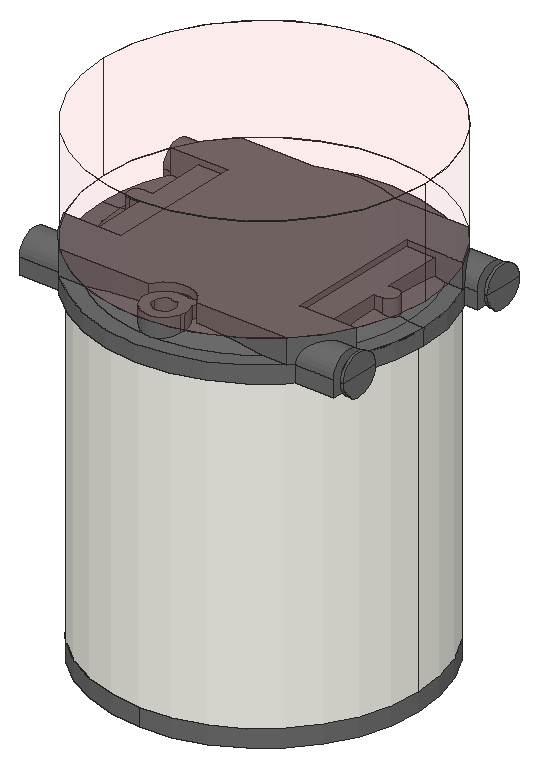
Revit family (continued)
Definition of nested family "Cooling_Plant_Accessories-Calmac-IceBank-Lid_C-75"
  Dimensions and locks (in)
    aligned and locked: curve 128 to cut or joined group of Revolve 1, Extrusion 2, Extrusion 4
    aligned and locked: curve 129 to cut or joined group of Revolve 1, Extrusion 2, Extrusion 4
    aligned and locked: curve 130 to Extrusion 5
    aligned and locked: curve 131 to Extrusion 5
    aligned and locked: curve 132 to Extrusion 5
    aligned and locked: curve 133 to Extrusion 5
    aligned and locked: curve 134 to Extrusion 5
    aligned and locked: curve 135 to Extrusion 5
    aligned and locked: curve 136 to Extrusion 5
    aligned and locked: curve 137 to Extrusion 5
    aligned and locked: curve 138 to cut or joined group of Revolve 1, Extrusion 2, Extrusion 4
    aligned and locked: curve 139 to cut or joined group of Revolve 1, Extrusion 2, Extrusion 4
    aligned and locked: curve 140 to curve 138
    aligned and locked: curve 141 to curve 139
    aligned and locked: curve 142 to curve 128
    aligned and locked: curve 143 to curve 127
    aligned and locked: curve 144 to cut or joined group of Revolve 1, Extrusion 2, Extrusion 4
    aligned and locked: curve 145 to cut or joined group of Revolve 1, Extrusion 2, Extrusion 4
    aligned and locked: curve 146 to cut or joined group of Revolve 1, Extrusion 2, Extrusion 4
    aligned and locked: curve 147 to cut or joined group of Revolve 1, Extrusion 2, Extrusion 4
    aligned and locked: curve 148 to cut or joined group of Revolve 1, Extrusion 2, Extrusion 4
    aligned and locked: curve 149 to cut or joined group of Revolve 1, Extrusion 2, Extrusion 4
    aligned and locked: curve 150 to cut or joined group of Revolve 1, Extrusion 2, Extrusion 4
    aligned and locked: cut or joined group of Revolve 1, Extrusion 2, Extrusion 4 to curve 151
    aligned and locked: curve 152 to cut or joined group of Revolve 1, Extrusion 2, Extrusion 4
    aligned and locked: curve 153 to cut or joined group of Revolve 1, Extrusion 2, Extrusion 4
    aligned and locked: curve 154 to cut or joined group of Revolve 1, Extrusion 2, Extrusion 4
    aligned and locked: curve 155 to cut or joined group of Revolve 1, Extrusion 2, Extrusion 4
    aligned and locked: curve 156 to cut or joined group of Revolve 1, Extrusion 2, Extrusion 4
    aligned and locked: curve 157 to cut or joined group of Revolve 1, Extrusion 2, Extrusion 4
    aligned and locked: curve 158 to cut or joined group of Revolve 1, Extrusion 2, Extrusion 4
    aligned and locked: cut or joined group of Revolve 1, Extrusion 2, Extrusion 4 to curve 159
    aligned and locked: curve 160 to cut or joined group of Revolve 1, Extrusion 2, Extrusion 4
    aligned and locked: curve 161 to cut or joined group of Revolve 1, Extrusion 2, Extrusion 4
    aligned and locked: curve 162 to cut or joined group of Revolve 1, Extrusion 2, Extrusion 4
    aligned and locked: cut or joined group of Revolve 1, Extrusion 2, Extrusion 4 to curve 163
    aligned and locked: curve 164 to cut or joined group of Revolve 1, Extrusion 2, Extrusion 4
    aligned and locked: cut or joined group of Revolve 1, Extrusion 2, Extrusion 4 to curve 165
    aligned and locked: curve 166 to cut or joined group of Revolve 1, Extrusion 2, Extrusion 4
    aligned and locked: cut or joined group of Revolve 1, Extrusion 2, Extrusion 4 to curve 167
    aligned and locked: curve 168 to cut or joined group of Revolve 1, Extrusion 2, Extrusion 4
    aligned and locked: curve 169 to cut or joined group of Revolve 1, Extrusion 2, Extrusion 4
    aligned and locked: curve 170 to cut or joined group of Revolve 1, Extrusion 2, Extrusion 4
    aligned and locked: curve 171 to cut or joined group of Revolve 1, Extrusion 2, Extrusion 4
    aligned and locked: curve 172 to cut or joined group of Revolve 1, Extrusion 2, Extrusion 4
    aligned and locked: curve 173 to cut or joined group of Revolve 1, Extrusion 2, Extrusion 4
    aligned and locked: curve 174 to cut or joined group of Revolve 1, Extrusion 2, Extrusion 4
    aligned and locked: curve 175 to cut or joined group of Revolve 1, Extrusion 2, Extrusion 4
    aligned and locked: cut or joined group of Revolve 1, Extrusion 2, Extrusion 4 to curve 176
    aligned and locked: cut or joined group of Revolve 1, Extrusion 2, Extrusion 4 to curve 177
    aligned and locked: cut or joined group of Revolve 1, Extrusion 2, Extrusion 4 to curve 178
    aligned and locked: cut or joined group of Revolve 1, Extrusion 2, Extrusion 4 to curve 179
    aligned and locked: cut or joined group of Revolve 1, Extrusion 2, Extrusion 4 to curve 180
    aligned and locked: cut or joined group of Revolve 1, Extrusion 2, Extrusion 4 to curve 181
    aligned and locked: cut or joined group of Revolve 1, Extrusion 2, Extrusion 4 to curve 182
    aligned and locked: cut or joined group of Revolve 1, Extrusion 2, Extrusion 4 to curve 183
    aligned and locked: Masking region 3 sketch curve to curve 140  (x2)
    aligned and locked: Masking region 3 sketch curve to curve 141
    aligned and locked: nested 1 to plane 6 "Back Connector Center"
    aligned: nested 1 to plane 45 "Connection Sleeve Right"
    aligned and locked: plane 16 "Fron Connector Center" to nested 2
    aligned: nested 2 to plane 45 "Connection Sleeve Right"
    aligned: nested 3 to plane 44 "Connection Sleeve Left"
    aligned and locked: nested 3 to plane 16 "Fron Connector Center"
    aligned: nested 4 to plane 44 "Connection Sleeve Left"
    aligned and locked: plane 6 "Back Connector Center" to nested 4
    aligned: plane 42 "Connector Center(Elevation)" to nested 4
    aligned: plane 42 "Connector Center(Elevation)" to nested 3
    aligned: plane 42 "Connector Center(Elevation)" to nested 1
    aligned: plane 42 "Connector Center(Elevation)" to nested 2
    aligned and locked: plane 34 "Right" to curve 184
    aligned and locked: plane 26 "Left" to curve 184
    aligned and locked: plane 1 "Center (Front/Back)" to curve 184
    aligned and locked: curve 163 to plane 41 "Top"
    aligned and locked: plane 4 "Back" to curve 185
    aligned and locked: plane 14 "Front" to curve 185
    aligned and locked: plane 3 "Center (Left/Right)" to curve 185
    aligned and locked: plane 41 "Top" to curve 183
    aligned and locked: plane 41 "Top" to curve 186
    aligned and locked: curve 186 to plane 3 "Center (Left/Right)"
    aligned and locked: plane 2 "Bottom" to curve 186
    aligned and locked: plane 1 "Center (Front/Back)" to curve 186
    aligned and locked: Masking region 3 sketch curve to plane 5 "Back Connector Back"
    aligned and locked: plane 45 "Connection Sleeve Right" to Masking region 3 sketch curve
    aligned and locked: Masking region 3 sketch curve to plane 45 "Connection Sleeve Right"
    aligned and locked: Extrusion 3 to Masking region 3 sketch curve
    aligned and locked: Masking region 3 sketch curve to plane 15 "Front Connection Front"  (x2)
    aligned and locked: plane 44 "Connection Sleeve Left" to Masking region 3 sketch curve
    aligned and locked: Masking region 3 sketch curve to plane 44 "Connection Sleeve Left"
    aligned and locked: plane 5 "Back Connector Back" to Masking region 3 sketch curve
    aligned: plane 3 "Center (Left/Right)" to nested 5
    aligned and locked: plane 1 "Center (Front/Back)" to nested 5
    aligned: plane 58 "T.O. Clearance Box" to nested 5  (x2)
    aligned: plane 41 "Top" to nested 5
    aligned and locked: nested 2 to plane 59 "Right Connector Face"
    aligned and locked: nested 1 to plane 59 "Right Connector Face"
    aligned and locked: nested 3 to plane 60 "Left Connector Face"
    aligned and locked: nested 4 to plane 60 "Left Connector Face"
    aligned and locked: plane 62 "Sleeve Right" to Extrusion 3
    aligned and locked: plane 61 "Sleeve Left" to Extrusion 3
    aligned and locked: Masking region 3 sketch curve to plane 61 "Sleeve Left"
    aligned and locked: plane 7 "Back Connector Front" to Masking region 3 sketch curve
    aligned and locked: Masking region 3 sketch curve to plane 17 "Front Connector Back"  (x2)
    aligned and locked: plane 61 "Sleeve Left" to Masking region 3 sketch curve
    aligned and locked: plane 62 "Sleeve Right" to Masking region 3 sketch curve
    aligned and locked: Masking region 3 sketch curve to plane 62 "Sleeve Right"
    aligned and locked: Masking region 3 sketch curve to plane 7 "Back Connector Front"
    aligned and locked: plane 42 "Connector Center(Elevation)" to curve 103
    aligned and locked: plane 54 "Right Tunnel Ref" to curve 104
    aligned and locked: curve 105 to plane 55 "Left Tunnel Ref"
    aligned and locked: plane 45 "Connection Sleeve Right" to curve 114
    aligned and locked: plane 41 "Top" to curve 176
    aligned and locked: plane 42 "Connector Center(Elevation)" to curve 176
    aligned and locked: plane 42 "Connector Center(Elevation)" to curve 158
    aligned and locked: plane 41 "Top" to curve 182
    aligned and locked: plane 42 "Connector Center(Elevation)" to curve 177
    aligned and locked: plane 41 "Top" to curve 177
    aligned and locked: plane 41 "Top" to curve 178
    aligned and locked: plane 42 "Connector Center(Elevation)" to curve 178
    aligned and locked: plane 42 "Connector Center(Elevation)" to curve 144
    aligned and locked: plane 41 "Top" to curve 180
    aligned and locked: plane 41 "Top" to curve 179
    aligned and locked: plane 42 "Connector Center(Elevation)" to curve 179
    aligned and locked: plane 41 "Top" to curve 181
    aligned and locked: plane 42 "Connector Center(Elevation)" to curve 181
    aligned and locked: nested 5 to plane 41 "Top"
    aligned and locked: plane 58 "T.O. Clearance Box" to nested 5
    aligned and locked: plane 42 "Connector Center(Elevation)" to nested 1
    aligned and locked: plane 42 "Connector Center(Elevation)" to nested 2
    aligned and locked: plane 42 "Connector Center(Elevation)" to nested 4
    aligned and locked: plane 42 "Connector Center(Elevation)" to nested 3
  Automatic sketch dimensions
    Extrusion 4 sketch curve to plane 9 "Rigging Back" = 0' - 0"
    plane 40 "Top Right" to Extrusion 2 sketch curve = 0' - 4.0663"
    plane 3 "Center (Left/Right)" to Extrusion 2 sketch curve = 0' - 0.00163"
    plane 24 "Pad Eye Front Center" to Extrusion 2 sketch curve = 0' - 0.19621"
    plane 10 "Rigging Loop Back" to Extrusion 2 sketch curve = 0' - 1.54805"
    Extrusion 2 sketch curve to Extrusion 2 sketch curve = 0' - 0"  (x2)
    plane 36 "Right Rigging Loop Right" to Extrusion 2 sketch curve = 0' - 4.88399"
    plane 24 "Pad Eye Front Center" to Extrusion 5 sketch curve = 0' - 0.02333"
    plane 24 "Pad Eye Front Center" to Extrusion 5 sketch curve = 0' - 0.02277"
    Extrusion 5 sketch curve to Extrusion 5 sketch curve = 0' - 0.36824"
    Extrusion 5 sketch curve to Extrusion 5 sketch curve = 0' - 0.36835"
    Extrusion 5 sketch curve to Extrusion 5 sketch curve = 0' - 0"  (x2)
    Masking region 3 sketch curve to Masking region 3 sketch curve = 0' - 0"  (x2)
    Masking region 3 sketch curve to plane 44 "Connection Sleeve Left" = 0' - 0"
    Masking region 3 sketch curve to Masking region 3 sketch curve = 0' - 0.43383"
    curve 112 to plane 43 "Connector Channel Top" = 0' - 0"
    curve 120 to level = 0' - 0"
    curve 113 to level = 0' - 0"
    curve 117 to level = 0' - 0"
    curve 114 to level = 0' - 0"
    curve 104 to plane 41 "Top" = 0' - 0"
    curve 109 to plane 41 "Top" = 0' - 0"
    curve 108 to plane 41 "Top" = 0' - 0"
    curve 105 to plane 41 "Top" = 0' - 0"
    curve 109 to curve 112 = 0' - 0.56869"
    plane 3 "Center (Left/Right)" to curve 115 = 0' - 0"
    curve 112 to curve 108 = 0' - 0.57194"
    plane 36 "Right Rigging Loop Right" to curve 116 = 0' - 0.0067"
    plane 42 "Connector Center(Elevation)" to curve 116 = 0' - 0.04774"
    curve 111 to curve 108 = 0' - 0.56061"
    plane 41 "Top" to curve 115 = 0' - 8.77139"
    curve 50 to plane 47 "Bolt Inset Right" = 0' - 0"
    curve 49 to plane 3 "Center (Left/Right)" = 0' - 0"
    curve 125 to plane 8 "Piping Back" = 0' - 0"
    plane 19 "Rigging Front" to curve 129 = 0' - 0"
    plane 4 "Back" to curve 50 = 0' - 0"
    plane 49 "Bolt Inset Center" to curve 49 = 0' - 0"
    plane 34 "Right" to curve 68 = 0' - 0.05975"
    plane 34 "Right" to curve 71 = 0' - 0.05975"
    plane 33 "Right Connection" to curve 69 = 0' - 0.05346"
    plane 33 "Right Connection" to curve 67 = 0' - 0.05346"
    plane 52 "Right Side Chanel" to curve 71 = 0' - 0.58177"
    plane 52 "Right Side Chanel" to curve 66 = 0' - 0.58177"
    plane 52 "Right Side Chanel" to curve 66 = 0' - 0.71351"
    plane 52 "Right Side Chanel" to curve 70 = 0' - 0.71351"
    plane 52 "Right Side Chanel" to curve 74 = 0' - 0.72576"
    plane 52 "Right Side Chanel" to curve 99 = 0' - 0.72576"
    plane 52 "Right Side Chanel" to curve 69 = 0' - 0.84524"
    plane 52 "Right Side Chanel" to curve 67 = 0' - 0.84524"
    curve 72 to plane 57 "Right Tunnel Ref Center" = 0' - 0.39515"
    curve 62 to plane 57 "Right Tunnel Ref Center" = 0' - 0.35589"
    plane 35 "Lid Inset Right" to curve 99 = 0' - 0.20973"
    plane 35 "Lid Inset Right" to curve 74 = 0' - 0.20973"
    curve 99 to curve 60 = 0' - 0.00797"
    plane 35 "Lid Inset Right" to curve 60 = 0' - 0.4131"
    plane 35 "Lid Inset Right" to curve 73 = 0' - 0.58321"
    curve 60 to curve 61 = 0' - 0.19232"
    plane 35 "Lid Inset Right" to curve 73 = 0' - 0.95668"
    curve 61 to plane 51 "Top Right Inset" = 0' - 0.97408"
    plane 21 "Top Front Edge" to curve 97 = 0' - 0.02024"
    plane 46 "Right Center" to curve 97 = 0' - 0.08642"
    plane 46 "Right Center" to curve 65 = 0' - 0.10857"
    plane 8 "Piping Back" to curve 64 = 0' - 0.58462"
    plane 46 "Right Center" to curve 64 = 0' - 1.33334"
    plane 18 "Piping Front" to curve 97 = 0' - 0.54429"
    plane 46 "Right Center" to curve 97 = 0' - 1.33764"
    plane 46 "Right Center" to curve 63 = 0' - 1.63906"
    curve 98 to plane 24 "Pad Eye Front Center" = 0' - 0.7003"
    plane 46 "Right Center" to curve 98 = 0' - 1.64225"
    curve 96 to plane 23 "Pad Eye Hole" = 0' - 0.03387"
    curve 96 to curve 96 = 0' - 0.77791"
    curve 64 to curve 64 = 0' - 0.79088"
    plane 21 "Top Front Edge" to curve 98 = 0' - 0 5/16"
    curve 64 to plane 39 "Right Rigging Left" = 0' - 0.70964"
    curve 93 to plane 22 "Front Inset" = 0' - 1.49486"
    curve 93 to plane 40 "Top Right" = 0' - 3.68687"
    plane 49 "Bolt Inset Center" to curve 53 = 0' - 0.44475"
    curve 53 to plane 40 "Top Right" = 0' - 3.66499"
    plane 22 "Front Inset" to curve 93 = 0' - 0.38295"
    curve 93 to curve 93 = 0' - 0.66239"
    plane 12 "Back Inset" to curve 53 = 0' - 0.51617"
    curve 53 to curve 53 = 0' - 0.66892"
    plane 22 "Front Inset" to curve 94 = 0' - 0.0503"
    curve 93 to curve 94 = 0' - 0.94305"
    plane 12 "Back Inset" to curve 52 = 0' - 0.18178"
    curve 53 to curve 52 = 0' - 0.94262"
    curve 95 to plane 40 "Top Right" = 0' - 1 205/256"
    curve 51 to plane 49 "Bolt Inset Center" = 0' - 0.21117"
    curve 51 to plane 40 "Top Right" = 0' - 1.7752"
    curve 94 to plane 22 "Front Inset" = 0' - 0.28236"
    curve 51 to plane 12 "Back Inset" = 0' - 0.1526"
    curve 165 to curve 132 = 0' - 1.92013"
    curve 126 to plane 18 "Piping Front" = 0' - 0.51914"  (x2)
    curve 164 to curve 163 = 0' - 0.30497"
    curve 173 to curve 125 = 0' - 1.35639"
    curve 55 to plane 12 "Back Inset" = 0' - 0.20247"
    curve 55 to plane 32 "Top Left" = 0' - 1.1267"
    curve 88 to plane 22 "Front Inset" = 0' - 0.28236"
    curve 88 to plane 32 "Top Left" = 0' - 1.13838"
    curve 56 to plane 49 "Bolt Inset Center" = 0' - 0.27827"
    curve 56 to plane 32 "Top Left" = 0' - 1.78316"
    curve 89 to plane 32 "Top Left" = 0' - 1.81788"
    plane 12 "Back Inset" to curve 55 = 0' - 0.12568"
    curve 55 to curve 55 = 0' - 0.9448"
    plane 22 "Front Inset" to curve 88 = 0' - 0.0503"
    curve 88 to curve 88 = 0' - 0.94305"
    plane 12 "Back Inset" to curve 54 = 0' - 0.45384"
    plane 22 "Front Inset" to curve 87 = 0' - 0.38295"
    plane 49 "Bolt Inset Center" to curve 54 = 0' - 0.39092"
    curve 54 to curve 54 = 0' - 0.65198"
    curve 87 to plane 22 "Front Inset" = 0' - 1.54109"
    curve 89 to curve 87 = 0' - 1.8853"
    curve 59 to plane 31 "Left Rigging Right" = 0' - 0.73306"
    plane 21 "Top Front Edge" to curve 85 = 0' - 0 5/16"
    curve 85 to plane 31 "Left Rigging Right" = 0' - 0.73601"
    curve 85 to plane 23 "Pad Eye Hole" = 0' - 0.03387"
    curve 85 to curve 85 = 0' - 0.77791"
    curve 58 to curve 58 = 0' - 0.80477"  (x2)
    curve 59 to plane 31 "Left Rigging Right" = 0' - 1.92107"
    curve 86 to plane 24 "Pad Eye Front Center" = 0' - 0.7403"
    curve 86 to plane 31 "Left Rigging Right" = 0' - 2 5/256"
    plane 18 "Piping Front" to curve 85 = 0' - 0.54429"
    plane 8 "Piping Back" to curve 58 = 0' - 0.67433"
    curve 58 to curve 57 = 0' - 1.17992"
    curve 84 to plane 21 "Top Front Edge" = 0' - 0.0179"
    curve 86 to curve 84 = 0' - 1.55432"
    plane 27 "Left Lip Inset" to curve 76 = 0' - 0.96143"
    curve 101 to plane 19 "Rigging Front" = 0' - 0.45769"
    plane 27 "Left Lip Inset" to curve 101 = 0' - 0.96143"
    curve 100 to curve 161 = 0' - 0.21853"
    plane 27 "Left Lip Inset" to curve 101 = 0' - 0.58796"
    plane 27 "Left Lip Inset" to curve 76 = 0' - 0.58796"
    plane 27 "Left Lip Inset" to curve 102 = 0' - 0.21448"
    plane 27 "Left Lip Inset" to curve 76 = 0' - 0.21448"
    curve 75 to plane 56 "Left Tunnel Ref Center" = 0' - 0.3904"
    curve 100 to plane 19 "Rigging Front" = 0' - 0.01575"
    curve 100 to plane 56 "Left Tunnel Ref Center" = 0' - 0.3904"
    plane 53 "Left Side Channel" to curve 83 = 0' - 0.84999"
    plane 53 "Left Side Channel" to curve 79 = 0' - 0.84999"
    plane 53 "Left Side Channel" to curve 77 = 0' - 0.73051"
    plane 53 "Left Side Channel" to curve 102 = 0' - 0.73051"
    plane 53 "Left Side Channel" to curve 79 = 0' - 0.71826"
    plane 53 "Left Side Channel" to curve 82 = 0' - 0.71826"
    plane 53 "Left Side Channel" to curve 80 = 0' - 0.58652"
    plane 53 "Left Side Channel" to curve 82 = 0' - 0.58652"
    plane 25 "Left Connection" to curve 78 = 0' - 0.05821"
    plane 25 "Left Connection" to curve 83 = 0' - 0.05821"
    plane 26 "Left" to curve 80 = 0' - 0.0645"
    plane 26 "Left" to curve 81 = 0' - 0.0645"
    plane 4 "Back" to curve 48 = 0' - 0.01364"
    curve 59 to curve 57 = 0' - 2.79764"
    curve 63 to curve 64 = 0' - 2.87284"
    curve 57 to curve 58 = 0' - 1.59891"
    curve 65 to curve 65 = 0' - 1.58211"
    plane 8 "Piping Back" to curve 58 = 0' - 1.86209"
    plane 8 "Piping Back" to curve 64 = 0' - 1.80912"
    curve 72 to plane 9 "Rigging Back" = 0' - 0.53489"
    curve 75 to plane 9 "Rigging Back" = 0' - 0.53489"
    curve 72 to plane 9 "Rigging Back" = 0' - 1.27856"
    curve 75 to plane 9 "Rigging Back" = 0' - 1.27856"
    curve 72 to curve 73 = 0' - 0.92764"
    curve 75 to curve 76 = 0' - 0.92764"
    curve 77 to curve 76 = 0' - 0.74367"
    curve 74 to curve 73 = 0' - 0.74367"
    plane 10 "Rigging Loop Back" to curve 69 = 0' - 3.7979"
    plane 10 "Rigging Loop Back" to curve 78 = 0' - 3.7979"
    curve 69 to curve 69 = 0' - 0.26232"
    curve 78 to curve 79 = 0' - 0.26232"
    curve 69 to curve 70 = 0' - 0.99128"
    curve 78 to curve 79 = 0' - 0.99128"
    plane 10 "Rigging Loop Back" to curve 71 = 0' - 1.81533"
    plane 10 "Rigging Loop Back" to curve 80 = 0' - 1.81533"
    plane 20 "Rigging Loop Front" to curve 68 = 0' - 1.55302"
    plane 20 "Rigging Loop Front" to curve 82 = 0' - 1.55302"
    plane 20 "Rigging Loop Front" to curve 81 = 0' - 1.81533"
    plane 20 "Rigging Loop Front" to curve 68 = 0' - 1.81533"
    curve 66 to curve 66 = 0' - 0.99128"
    curve 81 to curve 82 = 0' - 0.99128"
    curve 66 to curve 67 = 0' - 0.26232"
    curve 83 to curve 83 = 0' - 0.26232"
    curve 99 to plane 19 "Rigging Front" = 0' - 3.13384"
    curve 99 to curve 61 = 0' - 0.01104"
    curve 60 to curve 60 = 0' - 0.69763"
    curve 99 to curve 99 = 0' - 0.74367"
    curve 102 to curve 100 = 0' - 1.85528"
    curve 60 to curve 61 = 0' - 0.22433"
    curve 102 to plane 19 "Rigging Front" = 0' - 1.87103"
    curve 62 to plane 19 "Rigging Front" = 0' - 0.50327"
    plane 14 "Front" to curve 92 = 0' - 1.8675"
    plane 14 "Front" to curve 95 = 0' - 1.65483"
    plane 14 "Front" to curve 89 = 0' - 1.60633"
    curve 90 to plane 14 "Front" = 0' - 0.12249"
    curve 92 to plane 14 "Front" = 0' - 0.12494"
    curve 183 to plane 18 "Piping Front" = 0' - 0"
    curve 182 to plane 42 "Connector Center(Elevation)" = 0' - 0"
    curve 183 to plane 42 "Connector Center(Elevation)" = 0' - 0"
    curve 182 to plane 12 "Back Inset" = 0' - 6.98603"
    curve 177 to plane 18 "Piping Front" = 0' - 0"
    curve 176 to plane 8 "Piping Back" = 0' - 0"
    curve 180 to plane 9 "Rigging Back" = 0' - 0"
    curve 180 to plane 42 "Connector Center(Elevation)" = 0' - 0"
    plane 16 "Fron Connector Center" to curve 181 = 0' - 5 1/4"
    curve 179 to plane 19 "Rigging Front" = 0' - 0"
    curve 178 to plane 9 "Rigging Back" = 0' - 0"
    curve 20 to curve 26 = 0' - 0"  (x2)
    curve 20 to curve 30 = 0' - 0"  (x2)
    curve 20 to curve 33 = 0' - 0"  (x2)
    curve 20 to curve 34 = 0' - 0"  (x2)
    curve 20 to curve 44 = 0' - 0"  (x2)
    curve 20 to curve 45 = 0' - 0"  (x2)
    curve 20 to curve 46 = 0' - 0"  (x2)
    curve 20 to curve 47 = 0' - 0"  (x2)
    curve 20 to curve 140 = 0' - 0"  (x2)
    curve 20 to curve 142 = 0' - 0"  (x2)
    curve 20 to curve 143 = 0' - 0"
    curve 20 to curve 146 = 0' - 0"  (x2)
    curve 20 to curve 150 = 0' - 0"  (x2)
    curve 20 to curve 154 = 0' - 0"  (x2)
    curve 20 to curve 158 = 0' - 0"  (x2)
    curve 26 to plane 57 "Right Tunnel Ref Center" = 0' - 0"
    curve 29 to plane 57 "Right Tunnel Ref Center" = 0' - 0"
    curve 153 to plane 45 "Connection Sleeve Right" = 0' - 0"
    plane 1 "Center (Front/Back)" to curve 37 = 0' - 0"
    plane 20 "Rigging Loop Front" to curve 37 = 0' - 0"
    curve 155 to plane 8 "Piping Back" = 0' - 0"
    curve 155 to plane 38 "Right Rigging Loop Left" = 0' - 0"
    curve 36 to plane 38 "Right Rigging Loop Left" = 0' - 0"
    curve 32 to plane 38 "Right Rigging Loop Left" = 0' - 0"
    plane 18 "Piping Front" to curve 149 = 0' - 0"
    plane 18 "Piping Front" to curve 150 = 0' - 0"
    curve 154 to plane 8 "Piping Back" = 0' - 0"
    curve 151 to plane 39 "Right Rigging Left" = 0' - 0"
    curve 156 to plane 40 "Top Right" = 0' - 0"
    curve 156 to plane 3 "Center (Left/Right)" = 0' - 0"
    plane 18 "Piping Front" to curve 148 = 0' - 0"
    curve 19 to plane 8 "Piping Back" = 0' - 0"
    curve 22 to plane 31 "Left Rigging Right" = 0' - 0"
    curve 19 to plane 55 "Left Tunnel Ref" = 0' - 0"
    curve 158 to plane 8 "Piping Back" = 0' - 0"
    curve 147 to plane 55 "Left Tunnel Ref" = 0' - 0"
    curve 39 to plane 10 "Rigging Loop Back" = 0' - 0"
    curve 39 to plane 30 "Left Rigging Loop Right" = 0' - 0"
    curve 43 to plane 30 "Left Rigging Loop Right" = 0' - 0"
    plane 1 "Center (Front/Back)" to curve 41 = 0' - 0"
    plane 35 "Lid Inset Right" to curve 143 = 0' - 0.00039"
    curve 47 to plane 37 "Right Rigging Loop Inset" = 0' - 1.48966"
    curve 37 to plane 37 "Right Rigging Loop Inset" = 0' - 1.25367"
    plane 38 "Right Rigging Loop Left" to curve 149 = 0' - 0.01509"
    curve 34 to plane 39 "Right Rigging Left" = 0' - 1.24396"
    plane 40 "Top Right" to curve 148 = 0' - 4.0663"
    plane 3 "Center (Left/Right)" to curve 148 = 0' - 0.00163"
    curve 44 to plane 31 "Left Rigging Right" = 0' - 1.24396"
    plane 55 "Left Tunnel Ref" to curve 157 = 0' - 0.41423"
    curve 41 to plane 29 "Left Rigging Loop Inset" = 0' - 1.24992"
    curve 46 to plane 29 "Left Rigging Loop Inset" = 0' - 1.49441"
    plane 27 "Left Lip Inset" to curve 159 = 0' - 0.17459"
    plane 27 "Left Lip Inset" to curve 142 = 0' - 0.00039"
    plane 10 "Rigging Loop Back" to curve 156 = 0' - 1.54805"
    curve 142 to plane 1 "Center (Front/Back)" = 0' - 0.161"
    plane 24 "Pad Eye Front Center" to curve 148 = 0' - 0.19621"
    curve 6 to plane 20 "Rigging Loop Front" = 0' - 0"
    curve 5 to plane 12 "Back Inset" = 0' - 0"
    level to curve 16 = 0' - 0"
    level to curve 2 = 0' - 0"
    level to curve 15 = 0' - 0"
    level to curve 3 = 0' - 0"
    curve 7 to plane 41 "Top" = 0' - 0"
    curve 4 to plane 41 "Top" = 0' - 0"
    curve 12 to plane 41 "Top" = 0' - 0"
    curve 17 to plane 41 "Top" = 0' - 0"
    plane 22 "Front Inset" to curve 18 = 0' - 0.00227"
    curve 10 to curve 9 = 0' - 0.5091"
    curve 8 to curve 8 = 0' - 1.24396"
    curve 124 to plane 8 "Piping Back" = 0' - 0"
    curve 122 to plane 43 "Connector Channel Top" = 0' - 0"
    curve 123 to plane 1 "Center (Front/Back)" = 0' - 0.00127"
    plane 10 "Rigging Loop Back" to curve 123 = 0' - 0.00253"
    curve 124 to plane 8 "Piping Back" = 0' - 1.95677"
    curve 124 to plane 42 "Connector Center(Elevation)" = 0' - 1.1899"
    curve 124 to plane 42 "Connector Center(Elevation)" = 0' - 1.13321"
    curve 122 to plane 42 "Connector Center(Elevation)" = 0' - 0.88175"
    curve 123 to plane 41 "Top" = 0' - 0.04924"
  Nested families (in)
    nested 1: "Cooling_Plant_Accessories-Calmac-Icebank-4-Inch Flanged Connection" at (35.83203, 20.5, 3.75), Pipe Material <- "Pipe Material", visible <- "Is Back Right Flanged Connector Visible", type "Flanged Connection"
    nested 2: "Cooling_Plant_Accessories-Calmac-Icebank-4-Inch Flanged Connection" at (35.83203, -20.5, 3.75), Pipe Material <- "Pipe Material", visible <- "Is Front Right Flanged Connector Visible", type "Flanged Connection"
    nested 3: "Cooling_Plant_Accessories-Calmac-Icebank-4-Inch Flanged Connection" at (-35.83203, -20.5, 3.75) x (-1, 0, 0) z (0, 0, 1), Pipe Material <- "Pipe Material", visible <- "Is Front Left Flanged Connector Visible", type "Flanged Connection"
    nested 4: "Cooling_Plant_Accessories-Calmac-Icebank-4-Inch Flanged Connection" at (-35.83203, 20.5, 3.75) x (-1, 0, 0) z (0, 0, 1), Pipe Material <- "Pipe Material", visible <- "Is Back Left Flanged Connector Visible", type "Flanged Connection"
    nested 5: "Cooling_Plant_Accessories-Calmac-IceBankClearance Box" at (0.26977, 0, 15.25), CTRL Radius <- "CTRL Radius", visible <- "Is Clearance Box Visible", Height <- "Clearance Box Height", type "Include Clearance"
      with Width 6' - 1 3/8", Height 2' - 0", Depth 6' - 1 3/8", CTRL Radius 3' - 0 11/16"
  Definition of nested family "Cooling_Plant_Accessories-Calmac-Icebank-4-Inch Flanged Connection"
    Parameters (values of type "4"")
      Pipe Material [instance] = none
    Reference planes (in)
      plane 1 "Center (Front/Back)": y = 0
      plane 2 "Center (Elevation)": z = 0
      plane 3 "Center (Left/Right)": x = 0
      plane 4 "Back": y = 4.5
      plane 5 "Back Face": x = 1.79297
      plane 6 "Base Back": y = 2.25
      plane 7 "Fase Back": y = 3
      plane 8 "Front": y = -4.5
      plane 9 "Base Front": y = -2.25
      plane 10 "Face Front": y = -3
      plane 11 "Face": x = 2.41797
      plane 12 "T.O. Flange": z = 4.5
      plane 13 "T.O. Pipe": z = 2.25
      plane 14 "B.O. Flange": z = -4.5
      plane 15 "B.O. Pipe": z = -2.25
    Forms (in)
      Revolve 1, solid, material <- "Pipe Material", detail levels fine
        sketch origin (0, 0, 0) x (1, 0, 0) y (0, 1, 0)
          loop
            line (0, 2.25) -> (0, 0) -> (2.41797, 0) -> (2.41797, 4.5) -> (1.79297, 4.5) -> (1.79297, 2.25) -> (0, 2.25)
          axis (0, 0) -> (2.41797, 0)
        angle from 0 to 360
    Lines and regions (in)
      Masking region 1, detail levels fine
        outline origin (0, 0, 0) x (0, 1, 0) y (0, 0, 1)
          loop
            circle (0, 0) r 4.5
      Masking region 2, detail levels fine
        outline origin (0, 0, 0) x (1, 0, 0) y (0, 0, 1)
          loop
            line (2.41797, 4.5) -> (1.79297, 4.5) -> (1.79297, 2.25) -> (0, 2.25) -> (0, -2.25) -> (1.79297, -2.25) -> (1.79297, -4.5) -> (2.41797, -4.5) -> (2.41797, 4.5)
      Masking region 3, detail levels fine
        outline origin (0, 0, 0) x (1, 0, 0) y (0, 1, 0)
          loop
            line (0, 2.25) -> (0, -2.25) -> (1.79297, -2.25) -> (1.79297, -4.5) -> (2.41797, -4.5) -> (2.41797, 4.5) -> (1.79297, 4.5) -> (1.79297, 2.25) -> (0, 2.25)
      model lines, style "Piping", detail levels medium
        curve 1: line (0, 0, 0) -> (2.41797, 0, 0)
        curve 2: arc (2.41797, -4.5, 0) -> (2.41797, 0, 4.5) -> (2.41797, 4.5, 0) r 4.5
        curve 3: arc (2.41797, 4.5, 0) -> (2.41797, 0, -4.5) -> (2.41797, -4.5, 0) r 4.5
      symbolic lines, detail levels coarse+medium
        curve 4: line (0, 0, 0) -> (2.41797, 0, 0)
        curve 5: line (0, 0, 0) -> (2.41797, 0, 0)
    Dimensions and locks (in)
      locked: plane 4 "Back" to plane 7 "Fase Back" at 1.5
      locked: plane 4 "Back" to plane 6 "Base Back" at 2.25
      locked: plane 8 "Front" to plane 10 "Face Front" at 1.5
      locked: plane 8 "Front" to plane 9 "Base Front" at 2.25
      locked: plane 1 "Center (Front/Back)" to plane 6 "Base Back" at 2.25
      locked: plane 9 "Base Front" to plane 1 "Center (Front/Back)" at 2.25
      locked: plane 3 "Center (Left/Right)" to plane 11 "Face" at 2.41797
      locked: plane 5 "Back Face" to plane 11 "Face" at 0.625
      locked: plane 2 "Center (Elevation)" to plane 14 "B.O. Flange" at 4.5
      locked: plane 2 "Center (Elevation)" to plane 15 "B.O. Pipe" at 2.25
      locked: plane 12 "T.O. Flange" to plane 2 "Center (Elevation)" at 4.5
      locked: plane 12 "T.O. Flange" to plane 13 "T.O. Pipe" at 2.25
      aligned and locked: Revolve 1 sketch curve to plane 3 "Center (Left/Right)"
      aligned and locked: Revolve 1 sketch curve to plane 5 "Back Face"
      aligned and locked: Revolve 1 sketch curve to plane 11 "Face"
      aligned and locked: Revolve 1 sketch curve to plane 1 "Center (Front/Back)"
      aligned and locked: Revolve 1 sketch curve to plane 4 "Back"
      aligned and locked: Revolve 1 sketch curve to plane 6 "Base Back"
      aligned and locked: plane 1 "Center (Front/Back)" to Revolve 1 sketch curve  (x2)
      aligned and locked: plane 3 "Center (Left/Right)" to Revolve 1 sketch curve
      aligned and locked: Masking region 1 sketch curve to Revolve 1  (x2)
      aligned and locked: Masking region 2 sketch curve to Revolve 1  (x3)
      aligned and locked: Masking region 2 sketch curve to plane 5 "Back Face"
      aligned and locked: Masking region 2 sketch curve to plane 3 "Center (Left/Right)"
      aligned and locked: Masking region 3 sketch curve to plane 3 "Center (Left/Right)"
      aligned and locked: Masking region 3 sketch curve to plane 4 "Back"
      aligned and locked: Masking region 3 sketch curve to plane 6 "Base Back"
      aligned and locked: plane 9 "Base Front" to Masking region 3 sketch curve
      aligned and locked: plane 8 "Front" to Masking region 3 sketch curve
      aligned and locked: Masking region 3 sketch curve to plane 11 "Face"
      aligned and locked: Masking region 3 sketch curve to plane 5 "Back Face"  (x2)
      aligned and locked: plane 1 "Center (Front/Back)" to curve 1
      aligned and locked: plane 3 "Center (Left/Right)" to curve 1
      aligned and locked: curve 2 to Revolve 1
      aligned and locked: curve 3 to Revolve 1
      aligned and locked: plane 11 "Face" to curve 1
      aligned and locked: plane 11 "Face" to curve 4
      aligned and locked: plane 3 "Center (Left/Right)" to curve 4
      aligned and locked: plane 1 "Center (Front/Back)" to curve 4
      aligned and locked: plane 11 "Face" to curve 5
      aligned and locked: plane 3 "Center (Left/Right)" to curve 5
      aligned and locked: curve 5 to plane 2 "Center (Elevation)"
      aligned and locked: Masking region 2 to plane 12 "T.O. Flange"
      aligned and locked: plane 13 "T.O. Pipe" to Masking region 2
      aligned and locked: plane 2 "Center (Elevation)" to curve 1
      aligned and locked: plane 15 "B.O. Pipe" to Masking region 2
      aligned and locked: Masking region 2 to plane 14 "B.O. Flange"
  Definition of nested family "Cooling_Plant_Accessories-Calmac-IceBankClearance Box"
    Parameters (values of type "Include Clearance")
      Width [instance] = CTRL Radius * 2  # 7' - 5"
      Height [instance] = 3' - 0"
      Depth [instance] = Width  # 7' - 5"
      Clearance Material = Clearance
      CTRL Radius [instance] = 3' - 8 1/2"
      Assembly Code = ""
    Reference planes (in)
      plane 1 "Center (Front/Back)": y = 0
      plane 2 "Bottom": z = -6
      plane 3 "Center (Left/Right)": x = 0
      plane 4 "Top": z = 30
      plane 5 "Back": y = 44.5
      plane 6 "Left": x = -44.5
      plane 7 "Front": y = -44.5
      plane 8 "Right": x = 44.5
      plane 9 "Center (Elevation)": z = 12
    Forms (in)
      Extrusion 1, solid, material "Clearance" <- "Clearance Material"
        sketch origin (0, 0, 30) x (-1, 0, 0) y (0, -1, 0)
          loop
            circle (0, 0) r 44.5
        from -36 to 0
    Lines and regions (in)
      symbolic lines, style "Clearance"
        curve 1: line (-44.5, 0, 30) -> (44.5, 0, 30)
        curve 2: line (-44.5, 0, -6) -> (-44.5, 0, 30)
        curve 3: line (44.5, 0, -6) -> (-44.5, 0, -6)
        curve 4: line (44.5, 0, 30) -> (44.5, 0, -6)
        curve 5: line (0, -44.5, 30) -> (0, 44.5, 30)
        curve 6: line (0, -44.5, -6) -> (0, -44.5, 30)
        curve 7: line (0, 44.5, -6) -> (0, -44.5, -6)
        curve 8: line (0, 44.5, 30) -> (0, 44.5, -6)
        curve 9: circle (0, 0, 30) r 44.5 normal (0, 0, 1)
    Dimensions and locks (in)
      "Height": plane 4 "Top" to plane 2 "Bottom"
      "Depth": plane 5 "Back" to plane 7 "Front"
      "Width": plane 6 "Left" to plane 8 "Right"
      equal spacing: plane 6 "Left", plane 3 "Center (Left/Right)", plane 8 "Right"
      equal spacing: plane 5 "Back", plane 1 "Center (Front/Back)", plane 7 "Front"
      equal spacing: plane 4 "Top", plane 9 "Center (Elevation)", plane 2 "Bottom"
      "CTRL Radius": radius of Extrusion 1 sketch curve
      "CTRL Radius": radius of curve 9
      aligned: level to plane 2 "Bottom"
      aligned and locked: plane 3 "Center (Left/Right)" to Extrusion 1 sketch curve
      aligned and locked: plane 1 "Center (Front/Back)" to Extrusion 1 sketch curve
      aligned and locked: plane 3 "Center (Left/Right)" to curve 9
      aligned and locked: plane 1 "Center (Front/Back)" to curve 9
      aligned and locked: Extrusion 1 to plane 2 "Bottom"
      aligned and locked: plane 2 "Bottom" to curve 3
      aligned and locked: plane 2 "Bottom" to curve 7
      aligned and locked: plane 4 "Top" to Extrusion 1
      aligned and locked: curve 1 to plane 4 "Top"
      aligned and locked: curve 5 to plane 4 "Top"
      aligned and locked: curve 8 to plane 5 "Back"
      aligned and locked: curve 6 to plane 7 "Front"
      aligned and locked: curve 4 to plane 8 "Right"
      aligned and locked: curve 2 to plane 6 "Left"
